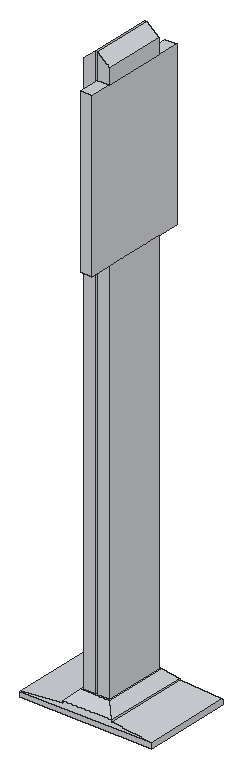
Revit family "Building-ElectricalVehicleCharging-GEWISS-JOINON-ICON_1-SIDED-FLOOR-MOUNT-SUPPORT", category Apparecchi elettrici, host Superficie, Revit 2019
Family settings
  Host = Superficie
  Mantenere orientamento annotazione = Sì
  Quota connettore circolare = Usa diametro
  Tipo di parte = Normale
  Taglio con vuoti quando caricato = No
  Condiviso = No
  Punto di calcolo locali = Sì
Parameters (values of type "GWJ8102 - I-CON - ONE-SIDED FLOOR-MOUNTING SUPPORT")
  visibilita posizionamento 2d [instance] = yes
  simbolo acceso [instance] = yes
  oggetto in pianta [instance] = not(visibilita posizionamento 2d)  # no
  distanza_simbolo [instance] = 1 mm
  distanza dal piano [instance] = 10 mm
  W = 115 mm  # constant formula
  Voltaggio = 0 V
  Version file RFA = "19.4"
  VETRO = Vetro
  URL = "https://www.gewiss.com/ww/en"
  Technical sheet = "https://www.gewiss.com/ww/en/search?q=GWJ8102"
  Suitable for = "WallBox I-CON"
  Spostamento_effettivo_S [instance] = 4000 mm - Spostamento_S  # 2500 mm
  Spostamento_S = 1500 mm
  Simbolo circuito [instance] = not(simbolo acceso)  # no
  STRUTTURA ALTA = blue
  STRUTTURA = RAL - 7035
  Realized by GEWISS S.p.A. = ""
  Default Elevation = 1219.2 mm
  Produttore = "GEWISS S.p.A."
  PRESA = Giallo
  POMELLO = bianco
  N.poli = 1
  Modello = "GWJ8102"
  L = 155 mm  # constant formula
  Immagine tipo = ICON_SUPP_MONO.jpg
  IDT = "9d8fff42-0005-4008-88f3-94fb88b800ce"
  IDF = "419b6614-7cdf-4001-b9f8-4c2d8e728900"
  FORMULA = 1000 mm * 1  # 1000 mm
  Electrocod = "2242"
  EAN code = "8034035071379"
  Descrizione = "I-CON - ONE-SIDED FLOOR-MOUNTING SUPPORT"
  Description: = "I-CON floor-mounting support - single-sided"
  Catalogue = "E-MOBILITY"
  COBie.Tagnumber = ""
  COBie.CreatedOn = ""
  COBie.CreatebBy = ""
  COBie.ComponentRegisterItemID = ""
  COBie.Component.TagNumber = ""
  COBie.Component.Space = ""
  COBie.Component.SerialNumber = ""
  COBie.Component.InstallationDate = ""
  COBie.Component.Description = ""
  COBie.Component.BarCode = ""
  BLOCCO = "B=C"
Reference planes
  plane 1 "Centro (Fronte/Retro)": y = 0
  plane 2: z = 0
  plane 3 "Centro (Sinistra/Destra)": x = 0
  plane 4: x = -3000
  plane 5: x = -500
  plane 6: z = 10
Dimensions and locks
  plane 4 to plane 3 "Centro (Sinistra/Destra)" = 3000 mm
  "Spostamento_effettivo_S": plane 4 to plane 5
  "distanza dal piano": plane 6 to plane 2
  aligned and locked: plane 2 to host face
  aligned and locked: level to host face
Automatic sketch dimensions
  host sketch curve to host sketch curve = 2438.4 mm  (x2)
Nested families
  nested 1: "I-CON_SUPPORTO MONOFACCIALE_BASE" at (0, 0, 0) x (0, 1, 0) z (0, 0, 1), type "I-CON_SUPPORTO MONOFACCIALE_BASE"
Definition of nested family "I-CON_SUPPORTO MONOFACCIALE_BASE"
  Parameters (values of type "I-CON_SUPPORTO MONOFACCIALE_BASE")
    h_struttura = 1361.1 mm
    h_faccia = 930.5 mm
    h_Faccia = 369.5 mm
    POTENZA IN WOLT = 0 V
    N_POLI = 1
    Larghezza_struttura = 139.672 mm
    Larghezza_faccia = 240.108 mm
    CENTRALE = none
  Reference planes
    plane 1 "Centro (Fronte/Retro)": y = 0
    plane 2: z = 0
    plane 3 "Centro (Sinistra/Destra)": x = 0
    plane 4 "EEE": through (4267.2, -291.041, 143.375) normal (0, -0.788, -0.6157)
    plane 5: x = -69.836
    plane 6: x = 69.836
    plane 7: x = -120.054
    plane 8: x = 120.054
    plane 9: z = 930.5
  Forms (mm)
    Extrusion 1, solid
      sketch origin (0, 0, 0) x (1, 0, 0) y (0, 0, 1)
        loop
          line (69.836, 45) -> (69.836, 930.5) -> (-69.836, 930.5) -> (-69.836, 45) -> (69.836, 45)
      from 0 to 27
    Extrusion 2, solid
      sketch origin (0, 0, 0) x (1, 0, 0) y (0, 0, 1)
        loop
          line (-120.054, 930.5) -> (120.054, 930.5) -> (120.054, 1300) -> (-120.054, 1300) -> (-120.054, 930.5)
      from 0 to 27
    Extrusion 3, solid
      sketch origin (0, 0, 0) x (1, 0, 0) y (0, 0, 1)
        loop
          line (-73.836, 45) -> (-95.836, 23) -> (-100.836, 10.27) -> (-100.836, 0) -> (101.164, 0) -> (101.164, 9.889) -> (96.164, 23) -> (74.164, 45) -> (-73.836, 45)
      from -153 to 147
    Extrusion 4, void
      sketch origin (0, 0, 0) x (0, 1, 0) y (0, 0, 1)
        loop
          line (-53, 23) -> (-31, 45) -> (-147, 45) -> (-147, 11.788)
          arc (-147, 11.788) -> (-100.08, 16.765) -> (-53, 19.893) r 1200
          line (-53, 19.893) -> (-53, 23)
      from -112.173 to 250
    Extrusion 5, void
      sketch origin (0, 6, 0) x (0, -1, 0) y (0, 0, -1)
        loop
          line (-53, -23) -> (-53, -19.893)
          arc (-53, -19.893) -> (-100.08, -16.765) -> (-147, -11.788) r 1200
          line (-147, -11.788) -> (-147, -45) -> (-31, -45) -> (-53, -23)
      from -112.173 to 250
    Extrusion 6, solid
      sketch origin (0, 33, -2.593) x (1, 0, 0) y (0, 0, 1)
        loop
          line (69.836, 47.593) -> (69.836, 1361.893) -> (-69.836, 1361.893) -> (-69.836, 47.593) -> (69.836, 47.593)
      from 0 to 27
    Extrusion 7, solid
      sketch origin (0, 0, 0) x (1, 0, 0) y (0, 0, 1)
        loop
          line (69.836, 1300) -> (69.836, 1359.3) -> (-69.836, 1359.3) -> (-69.836, 1300) -> (69.836, 1300)
      from 0 to 27
    Extrusion 8, void
      sketch origin (0, 0, 0) x (0, 1, 0) y (0, 0, 1)
        loop
          line (0, 1359.3) -> (-27, 1359.3) -> (-27, 1334.306) -> (0, 1359.3)
        loop
          line (6, 1359.3) -> (33, 1334.306) -> (33, 1359.3) -> (6, 1359.3)
      from -93.756 to 250
  Cuts and joins
    Extrusion 4, Extrusion 5 cuts Extrusion 3
    Extrusion 8 cuts Extrusion 6
    Extrusion 8 cuts Extrusion 7
  Dimensions and locks
    equal spacing: plane 5, plane 3 "Centro (Sinistra/Destra)", plane 6
    "Larghezza_struttura": plane 5 to plane 6
    equal spacing: plane 7, plane 3 "Centro (Sinistra/Destra)", plane 8
    "Larghezza_faccia": plane 7 to plane 8
    "h_faccia": plane 9 to level
    aligned and locked: level to plane 2
    aligned and locked: Extrusion 1 sketch curve to plane 6
    aligned and locked: Extrusion 1 sketch curve to plane 5
    aligned and locked: Extrusion 1 sketch curve to plane 9
    aligned and locked: Extrusion 2 sketch curve to plane 7
    aligned and locked: Extrusion 2 sketch curve to plane 8
    aligned and locked: Extrusion 2 sketch curve to plane 9
  Automatic sketch dimensions
    level to Extrusion 1 sketch curve = 45 mm
    Extrusion 2 sketch curve to plane 9 = 369.5 mm
    Extrusion 3 sketch curve to level = 0 mm
    Extrusion 3 sketch curve to plane 7 = 19.218 mm
    Extrusion 3 sketch curve to Extrusion 3 sketch curve = 5 mm  (x2)
    plane 5 to Extrusion 3 sketch curve = 4 mm
    Extrusion 3 sketch curve to plane 6 = 4.328 mm
    plane 8 to Extrusion 3 sketch curve = 23.89 mm
    Extrusion 3 sketch curve to Extrusion 3 sketch curve = 9.889 mm
    Extrusion 3 sketch curve to Extrusion 3 sketch curve = 10.27 mm
    Extrusion 3 sketch curve to Extrusion 3 sketch curve = 12.73 mm
    Extrusion 3 sketch curve to Extrusion 3 sketch curve = 13.111 mm
    Extrusion 3 sketch curve to Extrusion 3 sketch curve = 22 mm
    level to Extrusion 4 sketch curve = 11.788 mm
    plane 1 "Centro (Fronte/Retro)" to Extrusion 4 sketch curve = 147 mm
    level to Extrusion 4 sketch curve = 19.893 mm
    plane 1 "Centro (Fronte/Retro)" to Extrusion 4 sketch curve = 53 mm
    plane 1 "Centro (Fronte/Retro)" to Extrusion 4 sketch curve = 31 mm
    Extrusion 4 sketch curve to plane 1 "Centro (Fronte/Retro)" = 3 mm
    Extrusion 4 sketch curve to Extrusion 4 sketch curve = 3.107 mm
    Extrusion 4 sketch curve to Extrusion 4 sketch curve = 22 mm
    Extrusion 5 sketch curve to level = 11.788 mm
    plane 1 "Centro (Fronte/Retro)" to Extrusion 5 sketch curve = 153 mm
    Extrusion 5 sketch curve to level = 19.893 mm
    plane 1 "Centro (Fronte/Retro)" to Extrusion 5 sketch curve = 59 mm
    Extrusion 5 sketch curve to Extrusion 5 sketch curve = 22 mm  (x2)
    plane 1 "Centro (Fronte/Retro)" to Extrusion 5 sketch curve = 3 mm
    Extrusion 5 sketch curve to Extrusion 5 sketch curve = 3.107 mm
    plane 5 to Extrusion 6 sketch curve = 0 mm
    plane 6 to Extrusion 6 sketch curve = 0 mm
    level to Extrusion 6 sketch curve = 45 mm
    Extrusion 6 sketch curve to plane 9 = 428.8 mm
    Extrusion 7 sketch curve to plane 5 = 0 mm
    Extrusion 7 sketch curve to plane 6 = 0 mm
    Extrusion 7 sketch curve to plane 9 = 369.5 mm
    Extrusion 7 sketch curve to Extrusion 7 sketch curve = 59.3 mm
    Extrusion 8 sketch curve to plane 1 "Centro (Fronte/Retro)" = 0 mm
    plane 1 "Centro (Fronte/Retro)" to Extrusion 8 sketch curve = 27 mm
    Extrusion 8 sketch curve to plane 1 "Centro (Fronte/Retro)" = 6 mm
    Extrusion 8 sketch curve to plane 9 = 403.806 mm
    Extrusion 8 sketch curve to Extrusion 8 sketch curve = 24.994 mm  (x3)
    Extrusion 8 sketch curve to plane 1 "Centro (Fronte/Retro)" = 33 mm
